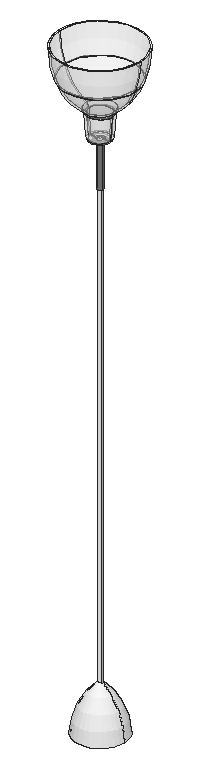
Revit family "Toldbod 155 Pendant", category Lighting Fixtures, host Face, Revit 2015
Parameters
  Width = 0 mm
  Weight (Kg) = 0
  Wattage = 96 W
  built-in parameter 1150110 = 1 (stored number, unit not read)
  Voltage (US Only) = 0 V
  Trim and Accessories = ""
  built-in parameter 1114217 = 1 (stored number, unit not read)
  Tilt Angle = -90.00°
  built-in parameter 1150109 = 1 (stored number, unit not read)
  built-in parameter 1150134 = 3
  Suspension Height [instance] = 1000 mm
  built-in parameter 1150113 = 1 (stored number, unit not read)
  Reflector Finish = none
  Product Documentation Link = ""
  Product Code = "x"
  Product Category = "Pendant"
  Power Factor (US Only) = 0
  Photometric Web File = "generic"
  Option = ""
  Number of Poles (US Only) = 0
  built-in parameter 1150142 = (empty or 0)
  Manufacturer = "Louis Poulsen Lighting"
  built-in parameter 1150105 = 267.38 (stored number, unit not read)
  Lumens = 3360 lm
  built-in parameter 1150115 = 1 (stored number, unit not read)
  Lighting Technique = ""
  built-in parameter 1150137 = (empty or 0)
  built-in parameter 1150139 = (empty or 0)
  Length = 0 mm
  built-in parameter 1150112 = 1 (stored number, unit not read)
  built-in parameter 1150114 = 1 (stored number, unit not read)
  Lamp = "x"
  Insulation Class (Not US) = ""
  built-in parameter 1150132 = 2
  built-in parameter 1150102 = (empty or 0)
  built-in parameter 1150107 = 3200 (stored number, unit not read)
  built-in parameter 1150138 = (empty or 0)
  built-in parameter 1150106 = 2.6738 (stored number, unit not read)
  IP (Not US) = ""
  IK (Not US - Outdoor only) = ""
  Height = 0 mm
  Efficiency (Lm/W) = ""
  built-in parameter 1150104 = 3.2516 (stored number, unit not read)
  Drawn By = "Louis Poulsen Lighting"
  Dimming Lamp Color Temperature Shift = <None>
  Designer = ""
  Description = "x"
  Default Elevation = 1000 mm
  Cut-off = "N/A"
  Color Filter = 16777215
  CRI = ""
  Build-in height = ""
  Bug Rating (US Outdoor Only) = "N/A"
  Body Finish = Louis Poulsen - WHT OPAL GLASS - 960
  built-in parameter 1114218 = 1 (stored number, unit not read)
  built-in parameter 1150133 = 10 (stored number, unit not read)
Reference planes
  plane 1 "Center (Front/Back)": y = 0
  plane 2: z = 0
  plane 3 "Center (Left/Right)": x = 0
  plane 4 "Suspension height Ref Level": z = 1000
Forms (mm)
  Revolve 1, solid, material "Louis Poulsen - WHT OPAL GLASS - 960" <- "Body Finish"
    sketch origin (0, 0, 0) x (1, 0, 0) y (0, 0, 1)
      loop
        line (-7.956, 1000) -> (-7.956, 1003) -> (-17.567, 1003) -> (-20.58, 1046.096)
        arc (-20.58, 1046.096) -> (-22.11, 1051.099) -> (-25.678, 1054.925) r 11.628
        arc (-25.678, 1054.925) -> (-49.213, 1076.872) -> (-64.815, 1105.018) r 102.856
        arc (-64.815, 1105.018) -> (-71.803, 1131.1) -> (-74.157, 1158) r 154.909
        line (-74.157, 1158) -> (-77.157, 1158)
        arc (-77.157, 1158) -> (-74.758, 1130.579) -> (-67.634, 1103.992) r 157.909
        arc (-67.634, 1103.992) -> (-51.577, 1075.025) -> (-27.355, 1052.438) r 105.856
        arc (-27.355, 1052.438) -> (-24.708, 1049.599) -> (-23.573, 1045.887) r 8.628
        line (-23.573, 1045.887) -> (-20.627, 1003.756)
        arc (-20.627, 1003.756) -> (-19.673, 1001.477) -> (-17.692, 1000) r 4.682
        line (-17.692, 1000) -> (-7.956, 1000)
      axis (0, 1000) -> (0, 1158)
    angle from 0 to 360
  Revolve 2, solid, material "Louis poulsen Ledningshvid"
    sketch origin (0, 0, 0) x (1, 0, 0) y (0, 0, 1)
      loop
        arc (-4.048, 87.401) -> (-33.977, 48.044) -> (-45.662, 0) r 120.982
        line (-45.662, 0) -> (-43.66, 0)
        arc (-43.66, 0) -> (-32.53, 46.424) -> (-4.048, 84.736) r 118.982
        line (-4.048, 84.736) -> (-4.048, 87.401)
      axis (0, 0) -> (0, 87.401)
    angle from 0 to 360
  Extrusion 3, solid, material "Louis poulsen Ledningshvid"
    sketch origin (0, -1099.2, 0) x (1, 0, 0) y (0, 1, 0)
      loop
        circle (0, 1099.2) r 3.5
    from 0 to 1003.756
  Revolve 4, solid, material "Louis Poulsen - HIGH LUSTRE CHROME PLATED - 900"
    sketch origin (0, 0, 0) x (1, 0, 0) y (0, 0, 1)
      loop
        line (6.25, 1000) -> (6.25, 998.379) -> (12.25, 998.379) -> (12.25, 1000) -> (6.25, 1000)
      axis (0.25, 1000) -> (0.25, 998.379)
    angle from 0 to 360
  Extrusion 5, solid, material "Louis Poulsen - HIGH LUSTRE CHROME PLATED - 900"
    sketch origin (0.25, 0, 998.379) x (1, 0, 0) y (0, -1, 0)
      loop
        circle (-0.25, 0) r 5
      loop
        circle (-0.25, 0) r 4.5
    from 0 to 80
Dimensions and locks
  "Suspension Height": plane 4 "Suspension height Ref Level" to level
  locked: Revolve 4 sketch curve to imposter light at 6
  Revolve 4 sketch curve to Revolve 4 sketch curve = 6 mm
  aligned and locked: plane 2 to host face
  aligned and locked: level to host face
  aligned and locked: Revolve 1 to plane 4 "Suspension height Ref Level"
  aligned and locked: Revolve 2 sketch curve to level
  aligned and locked: plane 3 "Center (Left/Right)" to Revolve 2 sketch curve
  aligned and locked: Revolve 2 to host face
  aligned and locked: Extrusion 3 to Revolve 1
  aligned and locked: Revolve 4 sketch curve to plane 4 "Suspension height Ref Level"
  aligned and locked: Revolve 4 sketch curve to imposter light
Automatic sketch dimensions
  host sketch curve to host sketch curve = 247.737 mm
  host sketch curve to host sketch curve = 244.107 mm
  Revolve 1 sketch curve to Revolve 1 sketch curve = 0 mm  (x7)
  Revolve 1 sketch curve to plane 4 "Suspension height Ref Level" = 0 mm
  Revolve 1 sketch curve to plane 3 "Center (Left/Right)" = 0 mm
  plane 4 "Suspension height Ref Level" to Revolve 1 sketch curve = 4.359 mm
  Revolve 1 sketch curve to Revolve 1 sketch curve = 8.027 mm
  plane 4 "Suspension height Ref Level" to Revolve 1 sketch curve = 3 mm
  Revolve 1 sketch curve to Revolve 1 sketch curve = 1.583 mm
  Revolve 1 sketch curve to Revolve 1 sketch curve = 0.126 mm
  Revolve 1 sketch curve to plane 3 "Center (Left/Right)" = 20.58 mm
  plane 4 "Suspension height Ref Level" to Revolve 1 sketch curve = 3.756 mm
  Revolve 1 sketch curve to Revolve 1 sketch curve = 2.993 mm
  Revolve 1 sketch curve to Revolve 1 sketch curve = 8.607 mm
  Revolve 1 sketch curve to plane 3 "Center (Left/Right)" = 74.157 mm
  Revolve 1 sketch curve to Revolve 1 sketch curve = 3 mm
  plane 3 "Center (Left/Right)" to Revolve 1 sketch curve = 31.839 mm
  Revolve 1 sketch curve to Revolve 1 sketch curve = 48.914 mm
  Revolve 1 sketch curve to Revolve 1 sketch curve = 41.529 mm
  Revolve 1 sketch curve to Revolve 1 sketch curve = 0.602 mm
  Revolve 1 sketch curve to Revolve 1 sketch curve = 0.209 mm
  Revolve 1 sketch curve to Revolve 1 sketch curve = 94.101 mm
  Revolve 1 sketch curve to Revolve 1 sketch curve = 17.803 mm
  Revolve 1 sketch curve to plane 4 "Suspension height Ref Level" = 5.462 mm
  Revolve 1 sketch curve to Revolve 1 sketch curve = 11.316 mm
  Revolve 1 sketch curve to plane 3 "Center (Left/Right)" = 20.627 mm
  Revolve 2 sketch curve to Revolve 2 sketch curve = 0 mm  (x2)
  Revolve 2 sketch curve to plane 3 "Center (Left/Right)" = 4.048 mm
  Revolve 2 sketch curve to plane 3 "Center (Left/Right)" = 43.66 mm
  Revolve 2 sketch curve to Revolve 2 sketch curve = 2.001 mm
  Revolve 2 sketch curve to level = 3.964 mm
  plane 3 "Center (Left/Right)" to Revolve 2 sketch curve = 75.255 mm
  Revolve 2 sketch curve to level = 6.755 mm
  Revolve 2 sketch curve to Revolve 2 sketch curve = 8.245 mm
  plane 1 "Center (Front/Back)" to Extrusion 3 sketch curve = 0 mm
  Extrusion 3 sketch curve to plane 3 "Center (Left/Right)" = 0 mm
  Revolve 4 sketch curve to plane 4 "Suspension height Ref Level" = 1.621 mm
  plane 4 "Suspension height Ref Level" to Revolve 4 sketch curve = 44.975 mm
  Revolve 4 sketch curve to Revolve 4 sketch curve = 17.207 mm
  Extrusion 5 sketch curve to Extrusion 5 sketch curve = 0 mm  (x2)
  Revolve 4 to Extrusion 5 sketch curve = 0 mm
  radius of Extrusion 3 sketch curve = 3.5 mm
  radius of Extrusion 5 sketch curve = 5 mm
  radius of Extrusion 5 sketch curve = 4.5 mm
Nested families
  nested 1: "LP-Revit-Annotation" at (0, 0, 0), type "LP-Revit-Annotation"
Connectors
  electrical at (0, 0, 0)
    settings: index 1, voltage 0 V, apparent load 0 VA, apparent load phase1 0 VA, apparent load phase2 0 VA, apparent load phase3 0 VA, power factor 1, load classification "Other", number of poles 1, system type 31, power factor state 1, is connector primary yes, connector utility no, sub classification motor no, connector description ""
Definition of nested family "LP-Revit-Annotation"
  Reference planes
    plane 1: y = 0
    plane 2: x = 0
  Lines and regions (mm)
    detail lines
      curve 1: circle (0, 0, 0) r 2.5 normal (0, 0, 1)
      curve 2: line (-1.768, -1.768, 0) -> (1.768, 1.768, 0)
      curve 3: line (-1.768, 1.768, 0) -> (1.768, -1.768, 0)
  Dimensions and locks
    radius of curve 1 = 2.5 mm
